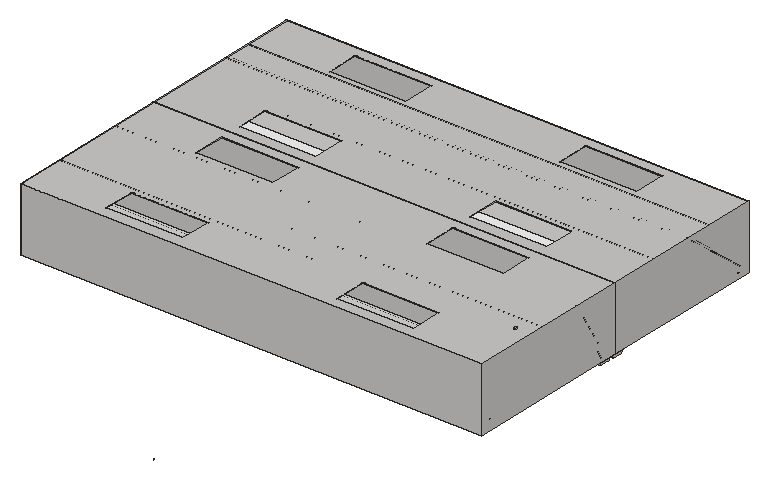
Revit family "QF_ELECTROLUXPROFESSIONAL_640241_STCF2636", category Specialty Equipment, Revit 2014
Reference planes
  plane 1 "Center (Front/Back)": y = 0
  plane 2: z = 0
  plane 3 "Center (Left/Right)": x = 400
  plane 4 "LEFT": x = -1400
  plane 5 "RIGHT": x = 2200
  plane 6 "BACK": y = 1300
  plane 7 "FRONT": y = -1300
  plane 8 "Base": z = 2000
  plane 9 "EIx": x = 2080
  plane 10 "Top": z = 2500
  plane 11 "BaseHood": z = 2000
  plane 12: y = -820
Forms (mm)
  Extrusion 1, solid, material "QF_Finishes_Stainless Steel"
    sketch origin (0, -820, 2500) x (0, 1, 0) y (-1, 0, 0)
      loop
        circle (0, -2080) r 10
    from 0 to 1.6
Dimensions and locks
  equal spacing: plane 6 "BACK", plane 1 "Center (Front/Back)", plane 7 "FRONT"
  plane 6 "BACK" to plane 7 "FRONT" = 2600.0 mm
  locked: plane 9 "EIx" to plane 5 "RIGHT" at 120
  plane 11 "BaseHood" to level = 2000.0 mm
  plane 10 "Top" to plane 11 "BaseHood" = 500.0 mm
  equal spacing: plane 4 "LEFT", plane 3 "Center (Left/Right)", plane 5 "RIGHT"
  plane 4 "LEFT" to plane 5 "RIGHT" = 3600.0 mm
  plane 12 to plane 7 "FRONT" = 480.0 mm
  aligned and locked: level to plane 2
Automatic sketch dimensions
  plane 1 "Center (Front/Back)" to Extrusion 1 sketch curve = 820.0 mm
  Extrusion 1 sketch curve to plane 9 "EIx" = 0.0 mm
  radius of Extrusion 1 sketch curve = 10.0 mm
Nested families
  nested 1: "QF_ELECTROLUXPROFESSIONAL_640232" at (250, -550, 0), type "QF_ELECTROLUXPROFESSIONAL_640232"
  nested 2: "QF_ELECTROLUXPROFESSIONAL_640232" at (250, 550, 0), type "QF_ELECTROLUXPROFESSIONAL_640232"
Connectors
  piping at (2080, 60, 1970), diameter 9.5
    settings: on nested 2, index 9, connector inside diameter 609.6 mm, connector length 0.0 mm, flow factor 0, pipe flow 0.0 L/s, pressure drop 0.0 Pa, fitting loss kfactor 0, connector angle 0.00°, fixture units 0, engagement length 0.0 mm, angle of deflection 0.00°, flow configuration 1, flow direction 2, fitting loss method 0, system type 16, joint type 0, gender type 0, connector reference index -1, connector utility 0, adjustable connector no, is connector primary yes, connector description "Drain"
  piping at (2080, -60, 1970), diameter 9.5
    settings: on nested 1, index 10, connector inside diameter 609.6 mm, connector length 0.0 mm, flow factor 0, pipe flow 0.0 L/s, pressure drop 0.0 Pa, fitting loss kfactor 0, connector angle 0.00°, fixture units 0, engagement length 0.0 mm, angle of deflection 0.00°, flow configuration 1, flow direction 2, fitting loss method 0, system type 16, joint type 0, gender type 0, connector reference index -1, connector utility 0, adjustable connector no, is connector primary no, connector description "Drain"
  electrical at (2080, -820, 2501.6)
    settings: on Extrusion 1, index 11, voltage 0 V, apparent load 0 VA, apparent load phase1 0 VA, apparent load phase2 0 VA, apparent load phase3 0 VA, power factor 1, load classification "Other", number of poles 1, system type 30, power factor state 1, is connector primary yes, connector utility no, sub classification motor no, connector description "Electrical Connection"
  hvac at (-500, -1089, 2500)
    settings: on nested 1, index 12, duct flow 0.0 L/s, flow factor 0, pres drop 0.0 Pa, loss coef 0, conn angle 0.00°, conn width 600 mm, conn height 250 mm, conn diameter 609.6 mm, duct sys type 1, conn prof type 1, flow config 1, flow direction 1, loss method 0, conn ref index -1, conn util no, is conn primary yes, conn desc "AIR INLET"
  hvac at (-500, 1089, 2500)
    settings: on nested 2, index 13, duct flow 0.0 L/s, flow factor 0, pres drop 0.0 Pa, loss coef 0, conn angle 0.00°, conn width 250 mm, conn height 600 mm, conn diameter 609.6 mm, duct sys type 1, conn prof type 1, flow config 1, flow direction 1, loss method 0, conn ref index -1, conn util no, is conn primary no, conn desc "AIR INLET"
  hvac at (1300, 1089, 2500)
    settings: on nested 2, index 14, duct flow 0.0 L/s, flow factor 0, pres drop 0.0 Pa, loss coef 0, conn angle 0.00°, conn width 250 mm, conn height 600 mm, conn diameter 609.6 mm, duct sys type 1, conn prof type 1, flow config 1, flow direction 1, loss method 0, conn ref index -1, conn util no, is conn primary no, conn desc "AIR INLET"
  hvac at (1300, -1089, 2500)
    settings: on nested 1, index 15, duct flow 0.0 L/s, flow factor 0, pres drop 0.0 Pa, loss coef 0, conn angle 0.00°, conn width 600 mm, conn height 250 mm, conn diameter 609.6 mm, duct sys type 1, conn prof type 1, flow config 1, flow direction 1, loss method 0, conn ref index -1, conn util no, is conn primary no, conn desc "AIR INLET"
  hvac at (-500, 211, 2500)
    settings: on nested 2, index 16, duct flow 0.0 L/s, flow factor 0, pres drop 0.0 Pa, loss coef 0, conn angle 0.00°, conn width 250 mm, conn height 600 mm, conn diameter 609.6 mm, duct sys type 3, conn prof type 1, flow config 1, flow direction 2, loss method 0, conn ref index -1, conn util no, is conn primary no, conn desc "EXHAUST OUTLET"
  hvac at (-500, -211, 2500)
    settings: on nested 1, index 17, duct flow 0.0 L/s, flow factor 0, pres drop 0.0 Pa, loss coef 0, conn angle 0.00°, conn width 600 mm, conn height 250 mm, conn diameter 609.6 mm, duct sys type 3, conn prof type 1, flow config 1, flow direction 2, loss method 0, conn ref index -1, conn util no, is conn primary no, conn desc "EXHAUST OUTLET"
  hvac at (1300, -211, 2500)
    settings: on nested 1, index 18, duct flow 0.0 L/s, flow factor 0, pres drop 0.0 Pa, loss coef 0, conn angle 0.00°, conn width 600 mm, conn height 250 mm, conn diameter 609.6 mm, duct sys type 3, conn prof type 1, flow config 1, flow direction 2, loss method 0, conn ref index -1, conn util no, is conn primary no, conn desc "EXHAUST OUTLET"
  hvac at (1300, 211, 2500)
    settings: on nested 2, index 19, duct flow 0.0 L/s, flow factor 0, pres drop 0.0 Pa, loss coef 0, conn angle 0.00°, conn width 250 mm, conn height 600 mm, conn diameter 609.6 mm, duct sys type 3, conn prof type 1, flow config 1, flow direction 2, loss method 0, conn ref index -1, conn util no, is conn primary no, conn desc "EXHAUST OUTLET"
Definition of nested family "QF_ELECTROLUXPROFESSIONAL_640232"
  Reference planes
    plane 1: z = 0
    plane 2 "Center (Left/Right)": x = 150
    plane 3 "LEFT": x = -1650
    plane 4 "RIGHT": x = 1950
    plane 5 "BACK": y = 550
    plane 6 "TOP": z = 2500
    plane 7 "Base": z = 2000
    plane 8: z = 1955
    plane 9 "DrainY": y = 490
    plane 10: x = -1647
    plane 11 "DrainX": x = 1830
    plane 12 "AOLeft2": x = -450
    plane 13 "AORight1": x = 750
    plane 14: x = 1947
    plane 15: x = -1450
    plane 16: x = 1750
    plane 17 "Center (Front/Back)": y = -100
    plane 18 "Front": y = -750
    plane 19 "AOLeft1": x = -1050
    plane 20 "AORight2": x = 1350
    plane 21: y = -664
    plane 22: y = -414
    plane 23 "EI_y": y = -270
    plane 24 "EIx": x = 1830
    plane 25: y = 464
    plane 26: y = 214
  Forms (mm)
    Extrusion 1, solid, material "QF_Finishes_Stainless Steel"
      sketch origin (-1650, 0, 360) x (0, 1, 0) y (0, 0, 1)
        loop
          line (550, 1640) -> (550, 2140) -> (-750, 2140) -> (-750, 1640) -> (550, 1640)
      from 0 to 3
    Extrusion 2, solid, material "QF_Finishes_Stainless Steel"
      sketch origin (1950, 0, 360) x (0, 1, 0) y (0, 0, 1)
        loop
          line (550, 1640) -> (550, 2140) -> (-750, 2140) -> (-750, 1640) -> (550, 1640)
      from 0 to -3
    Extrusion 3, solid, material "QF_Finishes_Stainless Steel"
      sketch origin (150, 0, 360) x (0, 1, 0) y (0, 0, 1)
        loop
          line (-750, 2140) -> (-750, 1640) -> (-740, 1640) -> (-740, 1640.8) -> (-749.2, 1640.8) -> (-749.2, 2139.19) -> (549.2, 2139.19) -> (549.2, 1640.8) -> (540, 1640.8) -> (540, 1640) -> (550, 1640) -> (550, 2140) -> (-750, 2140)
      from -1800 to 1800
    Extrusion 4, solid, material "QF_Finishes_Stainless Steel"
      sketch origin (0, 0, 2000) x (0, 1, 0) y (-1, 0, 0)
        loop
          circle (490, -1830) r 4.763
      from -30 to 0
    Extrusion 5, void
      sketch origin (0, 0, 2500) x (0, 1, 0) y (-1, 0, 0)
        loop
          line (-414, 450) -> (-414, 1050) -> (-664, 1050) -> (-664, 450) -> (-414, 450)
      from 0 to -10
    Extrusion 6, solid, material "QF_Finishes_Stainless Steel"
      sketch origin (0, 0, 0) x (1, 0, 0) y (0, 1, 0)
        loop
          line (-1650, 550) -> (-1650, 549) -> (-1649, 549) -> (-1649, 550) -> (-1650, 550)
      from 0 to 1
    Extrusion 7, solid, material "QF_LAMPS"
      sketch origin (150, 0, 360) x (0, 1, 0) y (0, 0, 1)
        loop
          line (-372.823, 1962.324) -> (-218.948, 2086.929) -> (-227.129, 2097.032) -> (-381.003, 1972.426) -> (-372.823, 1962.324)
      from 1797 to -1797
    Extrusion 8, solid, material "QF_Finishes_Stainless Steel"
      sketch origin (150, 0, 360) x (0, 1, 0) y (0, 0, 1)
        loop
          line (-750, 2139.19) -> (-750, 1640) -> (-686.602, 1640) -> (-599.146, 1690.493) -> (-610.058, 1709.394) -> (-666.564, 1676.77) -> (-714.704, 1680.982) -> (-749.2, 1730.248) -> (-749.2, 2139.19) -> (-750, 2139.19)
        loop
          line (-373.6, 1961.694) -> (-381.937, 1971.99) -> (-369.095, 1982.182) -> (-369.095, 2139.19) -> (-369.895, 2139.19) -> (-369.895, 1982.569) -> (-682.298, 1734.63) -> (-671.091, 1720.79) -> (-373.6, 1961.694)
        loop
          line (-227.61, 2099.216) -> (-218.171, 2087.559) -> (-154.411, 2139.19) -> (-155.682, 2139.19) -> (-218.052, 2088.684) -> (-226.989, 2099.719) -> (-227.61, 2099.216)
      from -1797 to 1797
    Sweep 9, solid, material "QF_Finishes_Stainless Steel"
      path origin (0, 0, 0) x (1, 0, 0) y (0, 1, 0)
        loop
          line (1950, 550) -> (-1650, 550) -> (-1650, -750) -> (1950, -750) -> (1950, 550)
      profile origin (1950, -100, 0) x (1, 0, 0) y (0, 0, 1)
        loop
          line (-3, 2000) -> (-3, 2000.8) -> (-19, 2000.8) -> (-19, 2010) -> (-20, 2010) -> (-20, 2000) -> (-3, 2000)
    Extrusion 10, solid, material "QF_Finishes_Stainless Steel"
      sketch origin (150, 0, 0) x (0, 1, 0) y (0, 0, 1)
        loop
          line (414.66, 2095.469) -> (440.643, 2110.471) -> (261.744, 2411.771) -> (235.948, 2396.455) -> (414.66, 2095.469)
      from -1797 to -1600
    Extrusion 11, void
      sketch origin (1134.605, 0, 2500) x (0, 1, 0) y (-1, 0, 0)
        loop
          line (-414, -215.395) -> (-414, 384.605) -> (-664, 384.605) -> (-664, -215.395) -> (-414, -215.395)
      from 0 to -10
    Extrusion 12, solid, material "QF_Finishes_Stainless Steel"
      sketch origin (1830, 0, 0) x (0, 1, 0) y (0, 0, 1)
        loop
          line (539, 2000) -> (441, 2000) -> (441, 1989) -> (448.5, 1989) -> (448.5, 1965)
          arc (448.5, 1965) -> (451.429, 1957.929) -> (458.5, 1955) r 10
          line (458.5, 1955) -> (521.5, 1955)
          arc (521.5, 1955) -> (528.571, 1957.929) -> (531.5, 1965) r 10
          line (531.5, 1965) -> (531.5, 1989) -> (539, 1989) -> (539, 2000)
      from 90 to -90
    Extrusion 13, solid, material "QF_Finishes_Stainless Steel"
      sketch origin (150, 0, 360) x (0, 1, 0) y (0, 0, 1)
        loop
          line (-750, 2139.19) -> (-750, 1640) -> (-686.602, 1640) -> (-599.146, 1690.493) -> (-610.058, 1709.394) -> (-666.564, 1676.77) -> (-714.704, 1680.982) -> (-749.2, 1730.248) -> (-749.2, 2139.19) -> (-750, 2139.19)
        loop
          line (-373.6, 1961.694) -> (-381.937, 1971.99) -> (-369.095, 1982.182) -> (-369.095, 2139.19) -> (-369.895, 2139.19) -> (-369.895, 1982.569) -> (-682.298, 1734.63) -> (-671.091, 1720.79) -> (-373.6, 1961.694)
        loop
          line (-227.61, 2099.216) -> (-218.171, 2087.559) -> (-154.411, 2139.19) -> (-155.682, 2139.19) -> (-218.052, 2088.684) -> (-226.989, 2099.719) -> (-227.61, 2099.216)
      from -1797 to 1797
    Extrusion 14, solid, material "QF_Finishes_Stainless Steel"
      sketch origin (150, 0, 0) x (0, 1, 0) y (0, 0, 1)
        loop
          line (414.66, 2095.469) -> (440.643, 2110.471) -> (261.744, 2411.771) -> (235.948, 2396.455) -> (414.66, 2095.469)
      from 1600 to 1797
    Extrusion 15, solid, material "QF_Finished_Chrome"
      sketch origin (150, 0, 0) x (0, 1, 0) y (0, 0, 1)
        loop
          line (414.66, 2095.469) -> (440.643, 2110.471) -> (261.744, 2411.771) -> (235.948, 2396.455) -> (414.66, 2095.469)
      from -1600 to 1600
    Extrusion 16, void
      sketch origin (0, 1180, 2500) x (0, 1, 0) y (-1, 0, 0)
        loop
          line (-716, 450) -> (-716, 1050) -> (-966, 1050) -> (-966, 450) -> (-716, 450)
      from 0 to -10
    Extrusion 17, void
      sketch origin (1600, 1180, 2500) x (0, 1, 0) y (-1, 0, 0)
        loop
          line (-716, 250) -> (-716, 850) -> (-966, 850) -> (-966, 250) -> (-716, 250)
      from 0 to -10
    Extrusion 18, solid, material "QF_Finishes_Stainless Steel"
      sketch origin (150, 0, 360) x (0, 1, 0) y (0, 0, 1)
        loop
          line (430.005, 1640) -> (540, 1640) -> (540, 1640.8) -> (430.467, 1640.8) -> (371.906, 1742.23) -> (414.858, 1734.657) -> (442.266, 1750.481) -> (442.266, 1765.943) -> (441.466, 1765.943) -> (441.466, 1750.943) -> (414.709, 1735.495) -> (321.153, 1751.991) -> (320.875, 1750.416) -> (371.4, 1741.507) -> (430.005, 1640)
        loop
          line (172.529, 2139.19) -> (242.893, 2017.316) -> (245.133, 2018.715) -> (240.13, 2027.381) -> (238.569, 2026.405) -> (173.453, 2139.19) -> (172.529, 2139.19)
      from -1797 to 1797
  Cuts and joins
    Extrusion 5, Extrusion 11, Extrusion 16, Extrusion 17 cuts Extrusion 3
    joined: Extrusion 2, Extrusion 3, Sweep 9
  Lines and regions (mm)
    symbolic lines, style "SpecialityEquipment", detail levels coarse
      curve 1: line (1950, 550, 2500) -> (-1650, 550, 2500)
      curve 2: line (-1650, 550, 2500) -> (-1650, -750, 2500)
      curve 3: line (1950, -750, 2500) -> (1950, 550, 2500)
      curve 4: line (-1650, 550, 0) -> (1950, -750, 0)
      curve 5: line (1950, 550, 0) -> (-1650, -750, 0)
      curve 6: line (-1650, -750, 0) -> (1950, -750, 0)
      curve 7: line (-450, -414, 0) -> (-1050, -414, 0)
      curve 8: line (-450, -664, 0) -> (-450, -414, 0)
      curve 9: line (-1050, -664, 0) -> (-450, -664, 0)
      curve 10: line (-1050, -414, 0) -> (-1050, -664, 0)
      curve 11: line (750, -414, 0) -> (750, -664, 0)
      curve 12: line (1350, -414, 0) -> (750, -414, 0)
      curve 13: line (1350, -664, 0) -> (1350, -414, 0)
      curve 14: line (750, -664, 0) -> (1350, -664, 0)
    symbolic lines, detail levels coarse
      curve 15: line (-1050, 214, 2500) -> (-450, 214, 2500)
      curve 16: line (-1050, 464, 2500) -> (-1050, 214, 2500)
      curve 17: line (-450, 464, 2500) -> (-1050, 464, 2500)
      curve 18: line (-450, 214, 2500) -> (-450, 464, 2500)
      curve 19: line (750, 464, 2500) -> (750, 214, 2500)
      curve 20: line (1350, 464, 2500) -> (750, 464, 2500)
      curve 21: line (750, 214, 2500) -> (1350, 214, 2500)
      curve 22: line (1350, 214, 2500) -> (1350, 464, 2500)
  Dimensions and locks
    plane 3 "LEFT" to plane 4 "RIGHT" = 3600.0 mm
    equal spacing: plane 3 "LEFT", plane 2 "Center (Left/Right)", plane 4 "RIGHT"
    plane 7 "Base" to plane 8 = 45.0 mm
    plane 5 "BACK" to plane 9 "DrainY" = 60.0 mm  (x2)
    plane 3 "LEFT" to plane 10 = 3.0 mm
    plane 11 "DrainX" to plane 4 "RIGHT" = 120.0 mm
    plane 14 to plane 4 "RIGHT" = 3.0 mm
    plane 3 "LEFT" to plane 15 = 200.0 mm
    plane 16 to plane 4 "RIGHT" = 200.0 mm
    locked: plane 12 "AOLeft2" to plane 13 "AORight1" at 1200
    equal spacing: plane 12 "AOLeft2", plane 2 "Center (Left/Right)", plane 13 "AORight1"
    locked: plane 7 "Base" to level at 2000
    locked: plane 6 "TOP" to plane 7 "Base" at 500
    plane 5 "BACK" to plane 18 "Front" = 1300.0 mm  (x2)
    equal spacing: plane 5 "BACK", plane 17 "Center (Front/Back)", plane 18 "Front"
    locked: plane 19 "AOLeft1" to plane 12 "AOLeft2" at 600
    locked: plane 13 "AORight1" to plane 20 "AORight2" at 600
    locked: plane 22 to plane 21 at 250
    plane 21 to plane 18 "Front" = 86.0 mm
    locked: plane 23 "EI_y" to plane 18 "Front" at 480
    locked: plane 24 "EIx" to plane 4 "RIGHT" at 120
    plane 5 "BACK" to plane 25 = 86.0 mm
    locked: plane 25 to plane 26 at 250
    aligned and locked: level to plane 1
    aligned and locked: plane 4 "RIGHT" to Extrusion 3
    aligned and locked: Extrusion 3 to plane 3 "LEFT"
    aligned and locked: Extrusion 2 to plane 14
    aligned and locked: Extrusion 10 to plane 10
    aligned and locked: Extrusion 8 to plane 10
    aligned and locked: plane 14 to Extrusion 8
    aligned and locked: Extrusion 5 to plane 19 "AOLeft1"
    aligned and locked: Extrusion 5 to plane 12 "AOLeft2"
    aligned and locked: plane 20 "AORight2" to Extrusion 11
    aligned and locked: plane 13 "AORight1" to Extrusion 11
    aligned and locked: plane 15 to Extrusion 10
    aligned and locked: plane 16 to Extrusion 14
    aligned and locked: plane 14 to Extrusion 14
    aligned and locked: Extrusion 15 to plane 15
    aligned and locked: Extrusion 15 to plane 16
    aligned and locked: plane 14 to Extrusion 7
    aligned and locked: Extrusion 7 to plane 10
    aligned and locked: plane 13 "AORight1" to Extrusion 17
    aligned and locked: plane 20 "AORight2" to Extrusion 17
    aligned and locked: Extrusion 16 to plane 19 "AOLeft1"
    aligned and locked: Extrusion 16 to plane 12 "AOLeft2"
    aligned and locked: Extrusion 18 to plane 10
    aligned and locked: plane 14 to Extrusion 18
    aligned and locked: plane 14 to Extrusion 13
    aligned and locked: Extrusion 13 to plane 10
    aligned and locked: plane 22 to cut or joined group of Extrusion 2, Extrusion 3, Extrusion 5, Sweep 9, Extrusion 11, Extrusion 16, Extrusion 17  (x2)
    aligned and locked: plane 22 to curve 7
    aligned and locked: cut or joined group of Extrusion 2, Extrusion 3, Extrusion 5, Sweep 9, Extrusion 11, Extrusion 16, Extrusion 17 to plane 21  (x2)
    aligned and locked: curve 9 to plane 21
    aligned and locked: plane 22 to curve 12
    aligned and locked: curve 14 to plane 21
    aligned and locked: plane 25 to cut or joined group of Extrusion 2, Extrusion 3, Extrusion 5, Sweep 9, Extrusion 11, Extrusion 16, Extrusion 17  (x2)
    aligned and locked: plane 25 to curve 17
    aligned and locked: plane 25 to curve 20
    aligned and locked: cut or joined group of Extrusion 2, Extrusion 3, Extrusion 5, Sweep 9, Extrusion 11, Extrusion 16, Extrusion 17 to plane 26  (x2)
    aligned and locked: curve 15 to plane 26
    aligned and locked: curve 21 to plane 26
  Automatic sketch dimensions
    curve 6 to plane 3 "LEFT" = 0.0 mm
    curve 4 to plane 3 "LEFT" = 0.0 mm
    curve 10 to plane 19 "AOLeft1" = 0.0 mm
    curve 8 to plane 12 "AOLeft2" = 0.0 mm
    curve 14 to plane 13 "AORight1" = 0.0 mm
    curve 14 to plane 20 "AORight2" = 0.0 mm
    curve 5 to plane 4 "RIGHT" = 0.0 mm
    curve 6 to plane 4 "RIGHT" = 0.0 mm
    curve 4 to plane 18 "Front" = 0.0 mm
    curve 4 to plane 5 "BACK" = 0.0 mm
    curve 5 to plane 5 "BACK" = 0.0 mm
    curve 2 to plane 3 "LEFT" = 0.0 mm
    curve 2 to plane 18 "Front" = 0.0 mm
    curve 3 to plane 4 "RIGHT" = 0.0 mm
    curve 3 to plane 18 "Front" = 0.0 mm
    curve 2 to plane 5 "BACK" = 0.0 mm
    Extrusion 1 sketch curve to plane 7 "Base" = 0.0 mm
    Extrusion 1 sketch curve to plane 18 "Front" = 0.0 mm
    Extrusion 1 sketch curve to plane 5 "BACK" = 0.0 mm
    Extrusion 1 sketch curve to plane 6 "TOP" = 0.0 mm
    Extrusion 2 sketch curve to plane 7 "Base" = 0.0 mm
    Extrusion 2 sketch curve to plane 18 "Front" = 0.0 mm
    Extrusion 2 sketch curve to plane 5 "BACK" = 0.0 mm
    Extrusion 2 sketch curve to plane 6 "TOP" = 0.0 mm
    Extrusion 3 sketch curve to plane 6 "TOP" = 0.0 mm
    Extrusion 3 sketch curve to plane 18 "Front" = 0.0 mm
    Extrusion 3 sketch curve to plane 7 "Base" = 0.0 mm  (x2)
    Extrusion 3 sketch curve to plane 5 "BACK" = 0.0 mm
    plane 18 "Front" to Extrusion 3 sketch curve = 0.8 mm
    Extrusion 3 sketch curve to Extrusion 3 sketch curve = 9.2 mm
    plane 7 "Base" to Extrusion 3 sketch curve = 0.8 mm  (x2)
    Extrusion 3 sketch curve to plane 5 "BACK" = 10.0 mm
    Extrusion 3 sketch curve to plane 5 "BACK" = 0.8 mm
    Extrusion 3 sketch curve to plane 6 "TOP" = 0.81 mm
    Extrusion 4 sketch curve to plane 9 "DrainY" = 0.0 mm
    Extrusion 4 sketch curve to plane 11 "DrainX" = 0.0 mm
    Extrusion 5 sketch curve to plane 12 "AOLeft2" = 0.0 mm
    Extrusion 5 sketch curve to plane 19 "AOLeft1" = 0.0 mm
    plane 21 to Extrusion 5 sketch curve = 0.0 mm
    Extrusion 5 sketch curve to plane 23 "EI_y" = 144.0 mm
    Extrusion 6 sketch curve to plane 3 "LEFT" = 0.0 mm
    Extrusion 6 sketch curve to plane 5 "BACK" = 0.0 mm
    plane 3 "LEFT" to Extrusion 6 sketch curve = 1.0 mm
    Extrusion 6 sketch curve to Extrusion 6 sketch curve = 1.0 mm
    plane 22 to Extrusion 7 sketch curve = 32.997 mm
    Extrusion 7 sketch curve to Extrusion 7 sketch curve = 8.181 mm  (x2)
    plane 23 "EI_y" to Extrusion 7 sketch curve = 42.871 mm
    Extrusion 7 sketch curve to plane 6 "TOP" = 177.676 mm
    Extrusion 7 sketch curve to Extrusion 7 sketch curve = 10.102 mm
    Extrusion 7 sketch curve to plane 6 "TOP" = 53.071 mm
    Extrusion 7 sketch curve to Extrusion 7 sketch curve = 10.103 mm
    Extrusion 8 sketch curve to plane 7 "Base" = 0.0 mm
    Extrusion 8 sketch curve to plane 18 "Front" = 0.0 mm
    Extrusion 8 sketch curve to Extrusion 8 sketch curve = 0.8 mm  (x2)
    plane 18 "Front" to Extrusion 8 sketch curve = 35.296 mm
    Extrusion 8 sketch curve to plane 21 = 22.602 mm
    Extrusion 8 sketch curve to plane 21 = 18.298 mm
    Extrusion 8 sketch curve to plane 21 = 7.091 mm
    Extrusion 8 sketch curve to plane 21 = 2.564 mm
    plane 21 to Extrusion 8 sketch curve = 53.942 mm
    Extrusion 8 sketch curve to Extrusion 8 sketch curve = 10.912 mm
    plane 22 to Extrusion 8 sketch curve = 32.063 mm
    Extrusion 8 sketch curve to Extrusion 8 sketch curve = 8.337 mm
    Extrusion 8 sketch curve to Extrusion 8 sketch curve = 12.042 mm
    plane 23 "EI_y" to Extrusion 8 sketch curve = 42.39 mm
    Extrusion 8 sketch curve to Extrusion 8 sketch curve = 0.622 mm
    Extrusion 8 sketch curve to Extrusion 8 sketch curve = 9.44 mm
    Extrusion 8 sketch curve to Extrusion 8 sketch curve = 0.118 mm
    Extrusion 8 sketch curve to plane 6 "TOP" = 0.81 mm  (x3)
    Extrusion 8 sketch curve to plane 17 "Center (Front/Back)" = 55.682 mm
    Extrusion 8 sketch curve to Extrusion 8 sketch curve = 1.271 mm
    plane 7 "Base" to Extrusion 8 sketch curve = 36.77 mm
    plane 7 "Base" to Extrusion 8 sketch curve = 40.982 mm
    plane 7 "Base" to Extrusion 8 sketch curve = 50.493 mm
    Extrusion 8 sketch curve to Extrusion 8 sketch curve = 18.901 mm
    Extrusion 8 sketch curve to Extrusion 8 sketch curve = 44.02 mm
    Extrusion 8 sketch curve to Extrusion 8 sketch curve = 49.266 mm
    Extrusion 8 sketch curve to Extrusion 8 sketch curve = 13.84 mm
    Extrusion 8 sketch curve to plane 6 "TOP" = 178.306 mm
    Extrusion 8 sketch curve to Extrusion 8 sketch curve = 10.296 mm
    Extrusion 8 sketch curve to Extrusion 8 sketch curve = 10.192 mm
    Extrusion 8 sketch curve to Extrusion 8 sketch curve = 0.386 mm
    Extrusion 8 sketch curve to plane 6 "TOP" = 52.441 mm
    Extrusion 8 sketch curve to Extrusion 8 sketch curve = 1.125 mm
    Sweep 9 sketch curve to plane 3 "LEFT" = 0.0 mm
    Sweep 9 sketch curve to plane 4 "RIGHT" = 0.0 mm
    Sweep 9 sketch curve to plane 18 "Front" = 0.0 mm
    Sweep 9 sketch curve to plane 5 "BACK" = 0.0 mm
    profile plane to Sweep 9 sketch curve = 20.0 mm
    Sweep 9 sketch curve to Sweep 9 sketch curve = 1.0 mm
    profile plane to Sweep 9 sketch curve = 3.0 mm
    level to Sweep 9 sketch curve = 2000.0 mm
    Sweep 9 sketch curve to Sweep 9 sketch curve = 0.8 mm
    Sweep 9 sketch curve to Sweep 9 sketch curve = 9.2 mm
    Extrusion 10 sketch curve to plane 9 "DrainY" = 75.34 mm
    Extrusion 10 sketch curve to Extrusion 10 sketch curve = 25.983 mm
    plane 7 "Base" to Extrusion 10 sketch curve = 95.469 mm
    Extrusion 10 sketch curve to Extrusion 10 sketch curve = 15.001 mm
    Extrusion 10 sketch curve to plane 6 "TOP" = 103.545 mm
    Extrusion 10 sketch curve to Extrusion 10 sketch curve = 15.316 mm
    Extrusion 11 sketch curve to plane 20 "AORight2" = 0.0 mm
    Extrusion 11 sketch curve to plane 13 "AORight1" = 0.0 mm
    plane 21 to Extrusion 11 sketch curve = 0.0 mm
    Extrusion 11 sketch curve to plane 23 "EI_y" = 144.0 mm
    Extrusion 13 sketch curve to plane 7 "Base" = 0.0 mm
    Extrusion 13 sketch curve to plane 18 "Front" = 0.0 mm
    Extrusion 13 sketch curve to Extrusion 13 sketch curve = 0.8 mm  (x2)
    plane 18 "Front" to Extrusion 13 sketch curve = 35.296 mm
    Extrusion 13 sketch curve to plane 21 = 22.602 mm
    Extrusion 13 sketch curve to plane 21 = 18.298 mm
    Extrusion 13 sketch curve to plane 21 = 7.091 mm
    Extrusion 13 sketch curve to plane 21 = 2.564 mm
    plane 21 to Extrusion 13 sketch curve = 53.942 mm
    Extrusion 13 sketch curve to Extrusion 13 sketch curve = 10.912 mm
    plane 22 to Extrusion 13 sketch curve = 32.063 mm
    Extrusion 13 sketch curve to Extrusion 13 sketch curve = 8.337 mm
    Extrusion 13 sketch curve to plane 6 "TOP" = 0.81 mm  (x3)
    plane 22 to Extrusion 13 sketch curve = 44.105 mm
    plane 23 "EI_y" to Extrusion 13 sketch curve = 42.39 mm
    Extrusion 13 sketch curve to Extrusion 13 sketch curve = 0.622 mm
    Extrusion 13 sketch curve to Extrusion 13 sketch curve = 9.44 mm
    Extrusion 13 sketch curve to Extrusion 13 sketch curve = 0.118 mm
    Extrusion 13 sketch curve to plane 17 "Center (Front/Back)" = 55.682 mm
    Extrusion 13 sketch curve to Extrusion 13 sketch curve = 1.271 mm
    plane 7 "Base" to Extrusion 13 sketch curve = 36.77 mm
    plane 7 "Base" to Extrusion 13 sketch curve = 40.982 mm
    plane 7 "Base" to Extrusion 13 sketch curve = 50.493 mm
    Extrusion 13 sketch curve to Extrusion 13 sketch curve = 18.901 mm
    Extrusion 13 sketch curve to Extrusion 13 sketch curve = 44.02 mm
    Extrusion 13 sketch curve to Extrusion 13 sketch curve = 49.266 mm
    Extrusion 13 sketch curve to Extrusion 13 sketch curve = 13.84 mm
    Extrusion 13 sketch curve to Extrusion 13 sketch curve = 177.496 mm
    Extrusion 13 sketch curve to Extrusion 13 sketch curve = 10.296 mm
    Extrusion 13 sketch curve to Extrusion 13 sketch curve = 10.192 mm
    Extrusion 13 sketch curve to Extrusion 13 sketch curve = 0.386 mm
    Extrusion 13 sketch curve to plane 6 "TOP" = 52.441 mm
    Extrusion 13 sketch curve to Extrusion 13 sketch curve = 1.125 mm
    Extrusion 14 sketch curve to plane 9 "DrainY" = 75.34 mm
    Extrusion 14 sketch curve to Extrusion 14 sketch curve = 25.983 mm
    plane 7 "Base" to Extrusion 14 sketch curve = 95.469 mm
    Extrusion 14 sketch curve to Extrusion 14 sketch curve = 15.001 mm
    Extrusion 14 sketch curve to plane 6 "TOP" = 103.545 mm
    Extrusion 14 sketch curve to Extrusion 14 sketch curve = 15.316 mm
    Extrusion 15 sketch curve to plane 9 "DrainY" = 75.34 mm
    Extrusion 15 sketch curve to Extrusion 15 sketch curve = 25.983 mm
    plane 7 "Base" to Extrusion 15 sketch curve = 95.469 mm
    Extrusion 15 sketch curve to Extrusion 15 sketch curve = 15.001 mm
    Extrusion 15 sketch curve to plane 6 "TOP" = 103.545 mm
    Extrusion 15 sketch curve to Extrusion 15 sketch curve = 15.316 mm
    Extrusion 16 sketch curve to plane 12 "AOLeft2" = 0.0 mm
    Extrusion 16 sketch curve to plane 9 "DrainY" = 26.0 mm
    Extrusion 16 sketch curve to plane 19 "AOLeft1" = 0.0 mm
    Extrusion 17 sketch curve to plane 20 "AORight2" = 0.0 mm
    Extrusion 17 sketch curve to plane 9 "DrainY" = 26.0 mm
    Extrusion 17 sketch curve to plane 13 "AORight1" = 0.0 mm
    Extrusion 18 sketch curve to plane 7 "Base" = 0.0 mm
    Extrusion 18 sketch curve to plane 9 "DrainY" = 47.734 mm
    Extrusion 18 sketch curve to Extrusion 18 sketch curve = 0.8 mm
    plane 9 "DrainY" to Extrusion 18 sketch curve = 50.0 mm
    plane 7 "Base" to Extrusion 18 sketch curve = 0.8 mm
    Extrusion 18 sketch curve to Extrusion 18 sketch curve = 109.533 mm
    Extrusion 18 sketch curve to Extrusion 18 sketch curve = 0.462 mm  (x2)
    Extrusion 18 sketch curve to Extrusion 18 sketch curve = 26.608 mm
    Extrusion 18 sketch curve to Extrusion 18 sketch curve = 0.148 mm
    Extrusion 18 sketch curve to Extrusion 18 sketch curve = 42.803 mm
    Extrusion 18 sketch curve to Extrusion 18 sketch curve = 0.506 mm
    Extrusion 18 sketch curve to Extrusion 18 sketch curve = 50.247 mm
    Extrusion 18 sketch curve to Extrusion 18 sketch curve = 0.278 mm
    Extrusion 18 sketch curve to Extrusion 18 sketch curve = 2.24 mm
    Extrusion 18 sketch curve to plane 6 "TOP" = 0.81 mm
    Extrusion 18 sketch curve to Extrusion 18 sketch curve = 0.924 mm
    plane 7 "Base" to Extrusion 18 sketch curve = 94.657 mm
    Extrusion 18 sketch curve to Extrusion 18 sketch curve = 0.838 mm
    Extrusion 18 sketch curve to Extrusion 18 sketch curve = 6.012 mm
    Extrusion 18 sketch curve to Extrusion 18 sketch curve = 0.723 mm
    Extrusion 18 sketch curve to Extrusion 18 sketch curve = 14.986 mm
    Extrusion 18 sketch curve to Extrusion 18 sketch curve = 15.0 mm
    Extrusion 18 sketch curve to plane 6 "TOP" = 122.684 mm
    Extrusion 18 sketch curve to Extrusion 18 sketch curve = 1.399 mm
    Extrusion 18 sketch curve to Extrusion 18 sketch curve = 9.089 mm
    Extrusion 18 sketch curve to Extrusion 18 sketch curve = 0.975 mm
    curve 15 to plane 19 "AOLeft1" = 0.0 mm
    curve 15 to plane 12 "AOLeft2" = 0.0 mm
    curve 19 to plane 13 "AORight1" = 0.0 mm
    curve 21 to plane 20 "AORight2" = 0.0 mm
    Extrusion 12 sketch curve to plane 8 = 0.0 mm
    Extrusion 12 sketch curve to plane 7 "Base" = 11.0 mm  (x2)
    Extrusion 12 sketch curve to plane 9 "DrainY" = 49.0 mm
    Extrusion 12 sketch curve to Extrusion 12 sketch curve = 7.5 mm  (x2)
    Extrusion 12 sketch curve to Extrusion 12 sketch curve = 10.0 mm
    Extrusion 12 sketch curve to plane 5 "BACK" = 28.5 mm
    Extrusion 12 sketch curve to plane 5 "BACK" = 18.5 mm
    plane 7 "Base" to Extrusion 12 sketch curve = 0.0 mm
    Extrusion 10 sketch curve to plane 9 "DrainY" = 228.256 mm
    Extrusion 10 sketch curve to Extrusion 10 sketch curve = 25.795 mm
    Extrusion 14 sketch curve to plane 9 "DrainY" = 228.256 mm
    Extrusion 14 sketch curve to Extrusion 14 sketch curve = 25.795 mm
    Extrusion 15 sketch curve to plane 9 "DrainY" = 228.256 mm
    Extrusion 15 sketch curve to Extrusion 15 sketch curve = 25.795 mm
    Extrusion 16 sketch curve to Extrusion 16 sketch curve = 250.0 mm
    Extrusion 17 sketch curve to Extrusion 17 sketch curve = 250.0 mm
    Extrusion 18 sketch curve to plane 9 "DrainY" = 244.867 mm
    Extrusion 18 sketch curve to Extrusion 18 sketch curve = 5.003 mm
    Extrusion 18 sketch curve to Extrusion 18 sketch curve = 1.561 mm
    Extrusion 18 sketch curve to Extrusion 18 sketch curve = 66.677 mm
    radius of Extrusion 4 sketch curve = 4.763 mm
